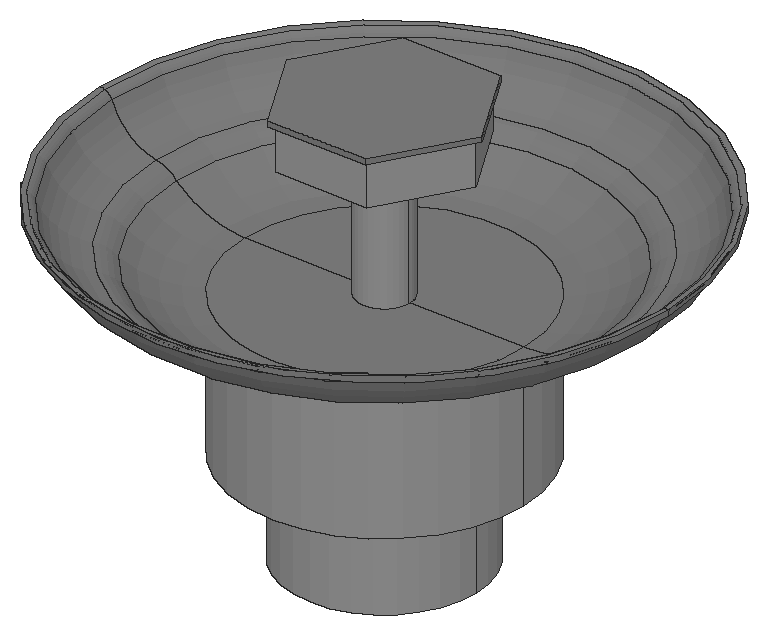
Revit family "Washfountain-Willoughby-WAF-5406-FLR-JR", category Plumbing Fixtures, Revit 2015
Parameters (values of type "Standard")
  Waste DIA = 2"
  Waste Connection = yes
  Vent Connection = no
  URL = "https://www.willoughby-ind.com/wp-content/uploads/2018/01/WAF-5408.pdf"
  Solid Surface Sink = Solid Surface Acrylic Resin-Willoughby
  Revision = "A"
  Model = "WAF-5406-FLR-JR"
  Manufacturer = "Willoughby Industries"
  HW Connection = no
  Fixture Body = Stainless Steel AISI 304-Willoughby
  Description = "6 station Washfountain, Floor Mounted, Junior Height"
  Default Elevation = 0' - 0"
  Contact = "(800) 428-4065"
  CW Connection = no
Reference planes (in)
  plane 1 "Center (Front/Back)": y = 0
  plane 2: z = 0
  plane 3 "Center (Left/Right)": x = 0
  plane 4: through (-5.65685, 5.65685, 48) normal (-0.7071, 0.7071, 0)
  plane 5: through (-5.65685, -5.65685, 48) normal (-0.7071, -0.7071, 0)
  plane 6: through (5.65685, 5.65685, 48) normal (-0.7071, -0.7071, 0)
  plane 7: z = 3
Forms (in)
  Extrusion 1, solid, material "Stainless Steel AISI 304-Willoughby" <- "Fixture Body"
    sketch origin (0, 0, 0) x (1, 0, 0) y (0, 1, 0)
      loop
        circle (0, 0) r 8.75
    from 3.5 to 12.5
  Extrusion 2, solid, material "Stainless Steel AISI 304-Willoughby" <- "Fixture Body"
    sketch origin (0, 0, 0) x (1, 0, 0) y (0, 1, 0)
      loop
        circle (0, 0) r 13.25
    from 12.5 to 25.5
  Revolve 3, solid, material "Solid Surface Acrylic Resin-Willoughby"
    sketch origin (0, 0, 0) x (1, 0, 0) y (0, 0, 1)
      loop
        line (-27, 34) -> (-27, 33.5)
        arc (-27, 33.5) -> (-26.59255, 33.38135) -> (-26.3125, 33.0625) r 0.75893
        arc (-26.3125, 33.0625) -> (-24.55666, 30.50638) -> (-21.75, 29.1875) r 5.92434
        arc (-21.75, 29.1875) -> (-20.85491, 28.8619) -> (-20.125, 28.25) r 2.7446
        arc (-20.125, 28.25) -> (-16.94474, 26.23191) -> (-13.25, 25.5) r 10.2412
        line (-13.25, 25.5) -> (0, 25.5) -> (0, 26) -> (-13.27825, 26)
        arc (-13.27825, 26) -> (-16.75659, 26.66651) -> (-19.74217, 28.57162) r 9.40952
        arc (-19.74217, 28.57162) -> (-20.60505, 29.295) -> (-21.6632, 29.67991) r 3.2446
        arc (-21.6632, 29.67991) -> (-24.24112, 30.8944) -> (-25.84767, 33.24806) r 5.42434
        arc (-25.84767, 33.24806) -> (-26.1125, 33.63396) -> (-26.5, 33.89645) r 1.25893
        arc (-26.5, 33.89645) -> (-26.7447, 33.97384) -> (-27, 34) r 1.25893
      axis (0, 34) -> (0, 25.5)
    angle from 0 to 360
  Revolve 4, solid, material "Stainless Steel AISI 304-Willoughby" <- "Fixture Body"
    sketch origin (0, -0.05184, 0) x (1, 0, 0) y (0, 0, 1)
      loop
        line (0, 25.5) -> (2.40625, 25.5) -> (2.40625, 38) -> (0, 38) -> (0, 25.5)
      axis (0, 38) -> (0, 25.5)
    angle from 0 to 360
  Extrusion 5, solid, material "Stainless Steel AISI 304-Willoughby" <- "Fixture Body"
    sketch origin (0, 0, 42) x (1, 0, 0) y (0, 1, 0)
      loop
        line (-4.33013, 7.5) -> (-8.66025, 0) -> (-4.33013, -7.5) -> (4.33013, -7.5) -> (8.66025, 0) -> (4.33013, 7.5) -> (-4.33013, 7.5)
    from 0 to -4
  Extrusion 6, solid, material "Solid Surface Acrylic Resin-Willoughby" <- "Solid Surface Sink"
    sketch origin (0, 0, 42) x (1, 0, 0) y (0, 1, 0)
      loop
        line (-9.2376, 0) -> (-4.6188, -8) -> (4.6188, -8) -> (9.2376, 0) -> (4.6188, 8) -> (-4.6188, 8) -> (-9.2376, 0)
    from 0 to 0.5
  Revolve 7, solid
    sketch origin (0, 0, 3) x (1, 0, 0) y (0, 0, 1)
      loop
        line (-4, 3) -> (-4, 6) -> (-5, 6) -> (-5, 3) -> (-4, 3)
      axis (-4, 6) -> (-4, 3)
    angle from 0 to 360
Lines and regions (in)
  symbolic lines
    curve 1: line (0, 13.36536, 25.59533) -> (0, -14.54375, 25.59533)
    curve 2: arc (0, 13.36536, 25.59533) -> (0, 17.06766, 26.30832) -> (0, 20.24036, 28.34533) r 9.96875
    curve 3: arc (0, 20.24036, 28.34533) -> (0, 21.14452, 29.04883) -> (0, 22.24512, 29.36681) r 3.03325
    curve 4: arc (0, 22.24512, 29.36681) -> (0, 24.81503, 30.73433) -> (0, 26.42786, 33.15783) r 5.94635
    curve 5: arc (0, 26.42786, 33.15783) -> (0, 26.70804, 33.47646) -> (0, 27.11536, 33.59533) r 0.76031
    curve 6: line (0, 27.11536, 33.59533) -> (0, 27.11536, 34)
    curve 7: line (0, 27.11536, 34) -> (0, -27, 34)
    curve 8: line (0, -27, 34) -> (0, -27, 33.5)
    curve 9: arc (0, -27, 33.5) -> (0, -26.5901, 33.3852) -> (0, -26.3125, 33.0625) r 0.73529
    curve 10: arc (0, -26.3125, 33.0625) -> (0, -24.52807, 30.48428) -> (0, -21.67915, 29.17466) r 5.9367
    curve 11: arc (0, -21.67915, 29.17466) -> (0, -20.82465, 28.84247) -> (0, -20.125, 28.25) r 2.77537
    curve 12: arc (0, -20.125, 28.25) -> (0, -17.53971, 26.49097) -> (0, -14.54375, 25.59533) r 10.22709
    curve 13: circle (0, 0, 0) r 27 normal (0, 0, 1)
    curve 17: line (-2.40625, -0.0172, 38) -> (-2.40625, -0.0172, 34)
    curve 18: line (-8.66687, 0.03464, 38.01202) -> (8.658, 0.03464, 38.01202)
    curve 19: line (8.66025, 0.15287, 42.01031) -> (-8.66025, 0.15287, 42.01031)
    curve 29: line (0, -7.5, 42) -> (0, -7.5, 38)
    curve 30: line (0, -7.5, 38) -> (0, 7.5, 38)
    curve 31: line (0, 7.5, 38) -> (0, 7.5, 42)
    curve 32: line (0, 7.5, 42) -> (0, -7.5, 42)
    curve 34: line (0, 2.36201, 38) -> (0, 2.36201, 34)
    curve 35: line (0, -2.45682, 38) -> (0, -2.45682, 34)
    curve 36: line (0, 27.11536, 33.59533) -> (0, 27.11536, 34)
    curve 37: line (0, 27.11536, 34) -> (0, -27, 34)
    curve 38: line (0, -27, 34) -> (0, -27, 33.5)
    curve 39: arc (0, -27, 33.5) -> (0, -26.5901, 33.3852) -> (0, -26.3125, 33.0625) r 0.73529
    curve 40: arc (0, -26.3125, 33.0625) -> (0, -24.52807, 30.48428) -> (0, -21.67915, 29.17466) r 5.9367
    curve 41: arc (0, -21.67915, 29.17466) -> (0, -20.81482, 28.85899) -> (0, -20.125, 28.25) r 2.48085
    curve 42: arc (0, -20.125, 28.25) -> (0, -17.53971, 26.49097) -> (0, -14.54375, 25.59533) r 10.22709
    curve 43: arc (0, -14.54375, 25.59533) -> (0, -13.89839, 25.52713) -> (0, -13.25, 25.5) r 10.22709
    curve 44: arc (0, -13.25, 25.5) -> (0, 0, 25.43319) -> (0, 13.25, 25.5) r 1313.9922
    curve 45: arc (0, 13.25, 25.5) -> (0, 16.94512, 26.23096) -> (0, 20.125, 28.25) r 10.22709
    curve 46: arc (0, 20.125, 28.25) -> (0, 21.0752, 29.01697) -> (0, 22.24512, 29.36681) r 3.1627
    curve 47: arc (0, 22.24512, 29.36681) -> (0, 24.81503, 30.73433) -> (0, 26.42786, 33.15783) r 5.94635
    curve 48: arc (0, 26.42786, 33.15783) -> (0, 26.69617, 33.49512) -> (0, 27.11536, 33.59533) r 0.66101
    curve 49: line (0, 27.11536, 33.59533) -> (0, 27.11536, 34)
    curve 50: line (0, 13.25, 25.5) -> (0, 13.25, 9.5)
    curve 51: line (0, 13.25, 9.5) -> (0, -13.25, 9.5)
    curve 52: line (0, -13.25, 9.5) -> (0, -13.25, 25.5)
    curve 53: line (0, -8.75, 0) -> (0, -8.75, 9.5)
    curve 54: line (0, 8.75, 0) -> (0, -8.75, 0)
    curve 55: line (0, 8.75, 0) -> (0, 8.75, 9.5)
    curve 61: line (9.2376, 0, 42.01031) -> (9.2376, 0, 42.5)
    curve 62: line (9.2376, 0, 42.5) -> (-9.2376, 0, 42.5)
    curve 63: line (-9.2376, 0, 42.5) -> (-9.2376, 0, 42.01031)
    curve 64: line (-9.2376, 0, 42.01031) -> (-8.66025, 0, 42.01031)
    curve 65: line (-8.66025, 0, 42.01031) -> (-8.66025, 0, 38)
    curve 66: line (-8.66025, 0, 38) -> (8.66025, 0, 38)
    curve 67: line (8.66025, 0, 38) -> (8.66025, 0, 42.01031)
    curve 68: line (-2.40625, 0, 38) -> (-2.40625, 0, 34)
    curve 69: line (2.40625, 0, 38) -> (2.40625, 0, 34)
    curve 70: line (27, 0, 33.5) -> (27, 0, 34)
    curve 71: line (27, 0, 34) -> (-27, 0, 34)
    curve 72: line (-27, 0, 34) -> (-27, 0, 33.5)
    curve 73: arc (-27, 0, 33.5) -> (-26.59375, 0, 33.37947) -> (-26.3125, 0, 33.0625) r 0.77123
    curve 74: arc (-26.3125, 0, 33.0625) -> (-24.52802, 0, 30.48002) -> (-21.6749, 0, 29.17109) r 5.92691
    curve 75: arc (-21.6749, 0, 29.17109) -> (-20.81279, 0, 28.85722) -> (-20.125, 0, 28.25) r 2.46686
    curve 76: arc (-20.125, 0, 28.25) -> (-16.94618, 0, 26.22831) -> (-13.25, 0, 25.5) r 10.18813
    curve 77: line (-13.25, 0, 25.5) -> (13.25, 0, 25.5)
    curve 78: arc (13.25, 0, 25.5) -> (16.9523, 0, 26.213) -> (20.125, 0, 28.25) r 9.96875
    curve 79: arc (20.125, 0, 28.25) -> (21.00538, 0, 28.94208) -> (22.08276, 0, 29.24753) r 2.89005
    curve 80: arc (22.08276, 0, 29.24753) -> (24.68572, 0, 30.61385) -> (26.3125, 0, 33.0625) r 5.92943
    curve 81: arc (26.3125, 0, 33.0625) -> (26.59291, 0, 33.38078) -> (27, 0, 33.5) r 0.76258
    curve 85: line (13.25, 0, 25.5) -> (13.25, 0, 9.5)
    curve 86: line (13.25, 0, 9.5) -> (-13.25, 0, 9.5)
    curve 87: line (-13.25, 0, 9.5) -> (-13.25, 0, 25.5)
    curve 88: line (-8.75, 0, 9.5) -> (-8.75, 0, 0)
    curve 89: line (-8.75, 0, 0) -> (8.75, 0, 0)
    curve 90: line (8.75, 0, 0) -> (8.75, 0, 9.5)
    curve 91: line (4.33013, 0, 42) -> (4.33013, 0, 38)
    curve 92: line (-4.33013, 0, 42) -> (-4.33013, 0, 38)
  symbolic lines, detail levels medium+fine
    curve 14: circle (0, 0, 0) r 13.75 normal (0, 0, 1)
    curve 20: line (-8, 0.15287, 42.01031) -> (-9.2376, 0.15287, 42.01031)
    curve 21: line (-9.2376, 0.15287, 42.01031) -> (-9.2376, 0.15287, 42.51031)
    curve 22: line (-9.2376, 0.15287, 42.51031) -> (9.2376, 0.15287, 42.51031)
    curve 23: line (9.2376, 0.15287, 42.51031) -> (9.2376, 0.15287, 42.01031)
    curve 24: line (-4.6188, 0.15287, 42.51031) -> (-4.6188, 0.15287, 42.01031)
    curve 25: line (4.6188, 0.15287, 42.51031) -> (4.6188, 0.15287, 42.01031)
    curve 26: line (0, 8, 42) -> (0, 8, 42.5)
    curve 27: line (0, 8, 42.5) -> (0, -8, 42.5)
    curve 28: line (0, -8, 42.5) -> (0, -8, 42)
    curve 33: line (0, 7.5, 42) -> (0, 8, 42)
    curve 56: line (0, -8, 42) -> (0, -7.5, 42)
    curve 60: line (8.66025, 0, 42.01031) -> (9.2376, 0, 42.01031)
  symbolic lines, detail levels fine
    curve 15: circle (0, 0, 0) r 25.84767 normal (0, 0, 1)
    curve 16: circle (0, 0, 0) r 19.74217 normal (0, 0, 1)
    curve 57: line (0, 26.69617, 33.49512) -> (0, -27.05383, 33.49512)
    curve 58: line (0, -26.3125, 33.0625) -> (0, 26.4375, 33.0625)
    curve 59: line (0, 20.125, 28.25) -> (0, -20.125, 28.25)
    curve 82: line (26.8573, 0, 33.48609) -> (-26.8927, 0, 33.48609)
    curve 83: line (-26.3125, 0, 33.0625) -> (26.3125, 0, 33.0625)
    curve 84: line (20.125, 0, 28.25) -> (-20.125, 0, 28.25)
Dimensions and locks (in)
  plane 5 to plane 6 = 1' - 4"
  aligned and locked: Revolve 4 sketch curve to Revolve 4 sketch curve  (x2)
  aligned and locked: Revolve 7 sketch curve to Revolve 7 sketch curve  (x2)
Connectors (in)
  piping at (-4, 0, 6), diameter 2, driven by "Waste DIA", driven by "Waste Connection"
    settings: on Revolve 7, index 1, connector inside diameter 24", connector length 0' - 0", flow factor 0, pipe flow 0 GPM, pressure drop 0.00 psi, fitting loss kfactor 0, connector angle 0.00°, fixture units 0, engagement length 0' - 0", angle of deflection 0.00°, flow configuration 0, flow direction 2, fitting loss method 0, system type 16, joint type 0, gender type 0, connector reference index -1, connector utility 1, adjustable connector no, is connector primary yes, connector description "Sink Waste"
